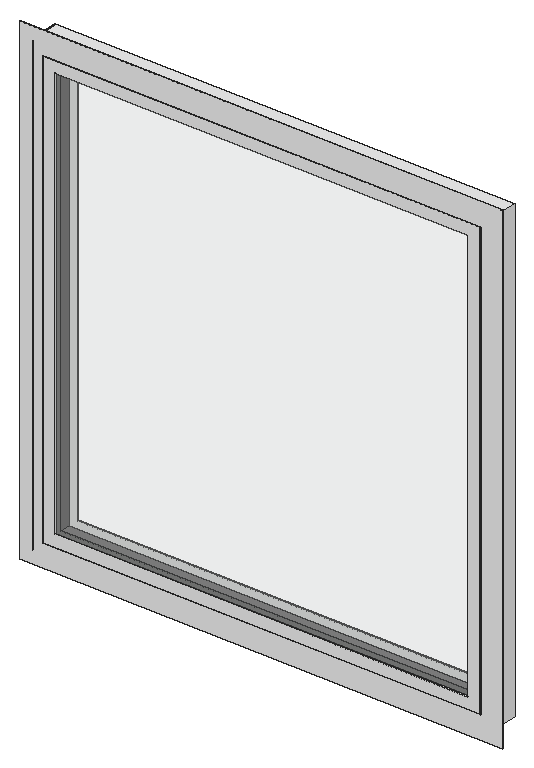
Revit family "Casement_28_B_Side_Hung_Custom", category Windows, host Wall, Revit 2014
Parameters (values of type "Casement_Sash_DG")
  Width Sash [instance] = 30 mm
  Width Sash Inner = 15 mm
  Width Bead = 15 mm
  Top Hung [instance] = yes
  Side Hung Right [instance] = yes
  Side Hung Left [instance] = yes
  Sash Opening Width [instance] = 600 mm
  Sash Opening Height [instance] = 600.312 mm
  Sash Lip = 15 mm
  Glazing Material [instance] = Glass
  DG Start Piece 2 [instance] = DG End Piece 1 + DG Gasket Thickness  # 25 mm
  DG Start Peice 1 [instance] = (Depth Sash - (2 * DG Glazing Thickness) - DG Gasket Thickness) / 2  # 6.6 mm
  Glazing Offset = 5 mm
  DG Glazing Thickness [instance] = 6.4 mm
  DG Gasket Thickness = 12 mm  # constant formula
  DG Gasket Material [instance] = Double Glazing Gasket Material
  DG End Piece 2 [instance] = DG Start Piece 2 + DG Glazing Thickness  # 31.4 mm
  DG End Piece 1 [instance] = DG Start Peice 1 + DG Glazing Thickness  # 13 mm
  Depth Sash [instance] = 38 mm
  Center Vertical Sash [instance] = Sash Opening Height / 2  # 300.156 mm
  Center Horizontal Sash [instance] = Sash Opening Width / 2  # 300 mm
  Bottom Hung [instance] = yes
  Bead Offset = 15 mm
  Aluminium Thickness = 1 mm
  Aluminium Material [instance] = White Powder Coated Aluminium
Reference planes
  plane 1 "Center (Front/Back)": y = 0
  plane 2: z = 0
  plane 3 "Center (Left/Right)": x = 0
Forms (mm)
  Sweep 1, solid, material "White Powder Coated Aluminium" <- "Aluminium Material"
    path origin (16.177, 0, 121.331) x (1, 0, 0) y (0, 0, 1)
      loop
        line (0, 0) -> (600, 0) -> (600, 600.312) -> (0, 600.312) -> (0, 0)
    profile origin (316.177, 0, 121.331) x (0, 0, 1) y (0, -1, 0)
      loop
        line (0, 0) -> (30, 0) -> (30, 1) -> (15, 1) -> (15, 38) -> (-15, 38) -> (-15, 37) -> (0, 37) -> (0, 0)
      loop
        line (14, 1) -> (14, 37) -> (1, 37) -> (1, 1) -> (14, 1)
  Sweep 2, solid, material "White Powder Coated Aluminium" <- "Aluminium Material"
    path origin (0, 0, 0) x (1, 0, 0) y (0, 0, 1)
      loop
        line (31.177, 706.643) -> (31.177, 136.331) -> (601.177, 136.331) -> (601.177, 706.643) -> (31.177, 706.643)
    profile origin (316.177, 0, 706.643) x (0, 0, 1) y (0, -1, 0)
      loop
        line (0, 37) -> (0, 38) -> (-15, 38) -> (-15, 37) -> (0, 37)
  Extrusion 3, solid, material "Glass" <- "Glazing Material"
    sketch origin (0, 0, 0) x (1, 0, 0) y (0, 0, 1)
      loop
        line (36.177, 701.643) -> (36.177, 141.331) -> (596.177, 141.331) -> (596.177, 701.643) -> (36.177, 701.643)
    from 6.6 <- "DG Start Peice 1" to 13 <- "DG End Piece 1"
  Extrusion 4, solid, material "Glass" <- "Glazing Material"
    sketch origin (0, 0, 0) x (1, 0, 0) y (0, 0, 1)
      loop
        line (36.177, 701.643) -> (36.177, 141.331) -> (596.177, 141.331) -> (596.177, 701.643) -> (36.177, 701.643)
    from 31.4 <- "DG End Piece 2" to 25 <- "DG Start Piece 2"
  Sweep 5, solid, material "Double Glazing Gasket Material" <- "DG Gasket Material"
    path origin (0, -13, 0) x (1, 0, 0) y (0, 0, 1)
      loop
        line (36.177, 701.643) -> (36.177, 141.331) -> (596.177, 141.331) -> (596.177, 701.643) -> (36.177, 701.643)
    profile origin (316.177, -13, 701.643) x (0, 0, 1) y (0, -1, 0)
      loop
        line (0, 0) -> (0, 12) -> (-7.96, 12) -> (-7.96, 0) -> (0, 0)
Lines and regions (mm)
  model lines
    curve 1: line (1.177, -38, 736.643) -> (31.177, -38, 706.643)
    curve 2: line (601.177, -38, 706.643) -> (631.177, -38, 736.643)
    curve 3: line (601.177, -38, 136.331) -> (631.177, -38, 106.331)
    curve 4: line (1.177, -38, 106.331) -> (31.177, -38, 136.331)
    curve 5: line (631.177, -37, 736.643) -> (616.177, -37, 721.643)
    curve 6: line (1.177, -37, 736.643) -> (16.177, -37, 721.643)
    curve 7: line (1.177, -37, 106.331) -> (16.177, -37, 121.331)
    curve 8: line (631.177, -37, 106.331) -> (616.177, -37, 121.331)
    curve 9: line (616.177, 0, 121.331) -> (586.177, 0, 151.331)
    curve 10: line (46.177, 0, 151.331) -> (16.177, 0, 121.331)
    curve 11: line (616.177, 0, 721.643) -> (586.177, 0, 691.643)
    curve 12: line (46.177, 0, 691.643) -> (16.177, 0, 721.643)
    curve 13: line (31.177, -38, 691.643) -> (46.177, -38, 691.643)
    curve 14: line (586.177, -38, 691.643) -> (601.177, -38, 691.643)
    curve 15: line (586.177, -38, 151.331) -> (601.177, -38, 151.331)
    curve 16: line (31.177, -38, 151.331) -> (46.177, -38, 151.331)
  model lines, style "GenericModelHiddenLines", visible <- "Top Hung"
    curve 17: line (46.386, -31.4, 690.914) -> (316.177, -31.4, 151.331)
    curve 18: line (316.177, -31.4, 151.331) -> (586.177, -31.4, 691.331)
  model lines, style "GenericModelHiddenLines", visible <- "Bottom Hung"
    curve 19: line (46.177, -31.4, 151.331) -> (316.177, -31.4, 691.331)
    curve 20: line (316.177, -31.4, 691.331) -> (586.177, -31.4, 151.331)
  model lines, style "GenericModelHiddenLines", visible <- "Side Hung Left"
    curve 21: line (46.386, -31.4, 690.914) -> (585.24, -31.4, 421.487)
    curve 22: line (585.24, -31.4, 421.487) -> (46.177, -31.4, 151.331)
  model lines, style "GenericModelHiddenLines", visible <- "Side Hung Right"
    curve 23: line (586.177, -31.4, 691.331) -> (46.177, -31.4, 421.487)
    curve 24: line (46.177, -31.4, 421.487) -> (586.177, -31.4, 151.331)
Dimensions and locks
  "Aluminium Thickness": Sweep 1 sketch curve to Sweep 1 sketch curve  (x4)
  "Depth Sash": Sweep 1 sketch curve to Sweep 1 sketch curve
  "Sash Opening Width": Sweep 1 to Sweep 1
  "Sash Opening Height": Sweep 1 to Sweep 1
  "Width Sash": Sweep 1 sketch curve to Sweep 1 sketch curve  (x2)
  "Width Sash Inner": Sweep 1 sketch curve to Sweep 1 sketch curve
  "Sash Lip": Sweep 1 sketch curve to Sweep 1 sketch curve
  "Aluminium Thickness": Sweep 1 to Sweep 2 sketch curve
  "Glazing Offset": Sweep 2 to Extrusion 3 sketch curve  (x3)
  "Glazing Offset": Extrusion 3 sketch curve to Sweep 2
  Sweep 1 to Sweep 1 = 1 mm
  "Aluminium Thickness": Sweep 2 sketch curve to Sweep 2 sketch curve
  "Width Bead": Sweep 2 sketch curve to Sweep 2 sketch curve
  locked: Sweep 5 sketch curve to Sweep 5 sketch curve at 7.96
  "Center Horizontal Sash": Sweep 1 to curve 18
  "Center Horizontal Sash": Sweep 1 to curve 20
  "Center Vertical Sash": Sweep 1 to curve 22
  "Center Vertical Sash": Sweep 1 to curve 24
  aligned and locked: level to plane 2
  aligned and locked: Sweep 1 sketch curve to Sweep 1 sketch curve  (x2)
  aligned and locked: Sweep 2 sketch curve to Sweep 1  (x5)
  aligned and locked: Extrusion 4 sketch curve to Extrusion 3  (x4)
  aligned and locked: Sweep 5 sketch curve to Extrusion 3  (x5)
  aligned and locked: Extrusion 3 to Sweep 5 sketch curve
Automatic sketch dimensions
  plane 3 "Center (Left/Right)" to Sweep 1 sketch curve = 16.177 mm
  level to Sweep 1 sketch curve = 121.331 mm
  plane 3 "Center (Left/Right)" to Sweep 1 sketch curve = 616.177 mm
  level to Sweep 1 sketch curve = 721.643 mm
  profile plane to Sweep 5 sketch curve = 12 mm
  curve 7 to Sweep 1 = 0 mm  (x4)
  curve 6 to Sweep 1 = 0 mm  (x3)
  Sweep 1 to curve 6 = 0 mm
  curve 5 to Sweep 1 = 0 mm  (x3)
  curve 8 to Sweep 1 = 0 mm  (x4)
  Sweep 1 to curve 5 = 0 mm
  curve 16 to Sweep 2 = 0 mm  (x3)
  curve 13 to Sweep 2 = 0 mm  (x3)
  curve 15 to Sweep 2 = 0 mm
  Sweep 2 to curve 15 = 0 mm  (x2)
  curve 14 to Sweep 2 = 0 mm  (x2)
  Sweep 2 to curve 14 = 0 mm
  curve 1 to Sweep 1 = 0 mm  (x4)
  curve 4 to Sweep 1 = 0 mm  (x3)
  Sweep 1 to curve 4 = 0 mm
  curve 3 to Sweep 1 = 0 mm  (x3)
  curve 2 to Sweep 1 = 0 mm  (x4)
  Sweep 1 to curve 3 = 0 mm
  curve 10 to Sweep 1 = 0 mm  (x4)
  curve 12 to Sweep 1 = 0 mm  (x3)
  Sweep 1 to curve 12 = 0 mm
  curve 9 to Sweep 1 = 0 mm  (x4)
  curve 11 to Sweep 1 = 0 mm  (x3)
  Sweep 1 to curve 11 = 0 mm
  Sweep 1 sketch curve to plane 1 "Center (Front/Back)" = 0 mm
  profile plane to Sweep 1 sketch curve = 0 mm
  curve 21 to Extrusion 4 = 10.208 mm
  curve 19 to Extrusion 4 = 10 mm
  curve 23 to Extrusion 4 = 10 mm  (x2)
  curve 22 to Extrusion 4 = 10.937 mm
  curve 20 to Extrusion 4 = 10 mm
  curve 24 to Extrusion 4 = 10 mm
  curve 22 to Extrusion 4 = 10 mm
  curve 18 to Extrusion 4 = 10 mm
  curve 21 to Extrusion 4 = 10.729 mm
  curve 19 to Extrusion 4 = 10.312 mm
  curve 18 to Extrusion 4 = 10.312 mm
